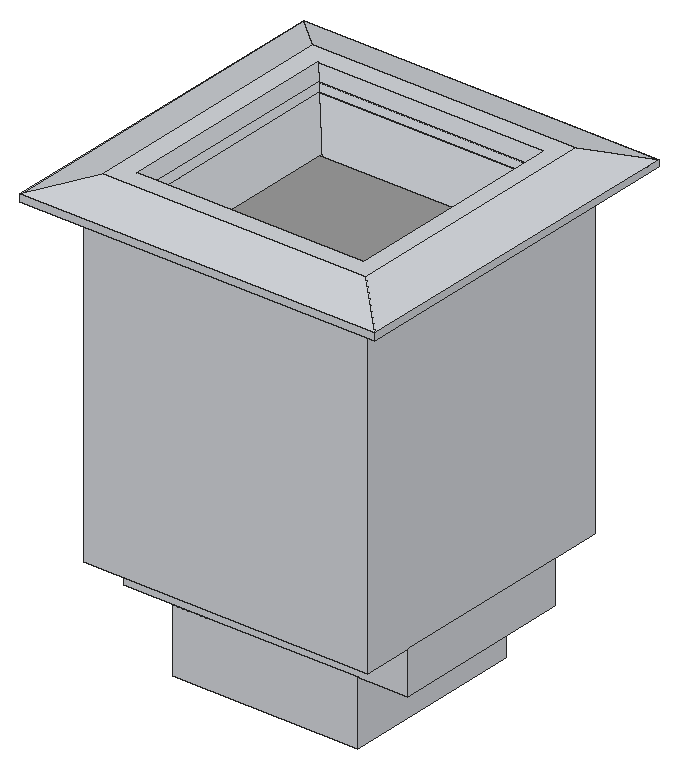
Revit family "2061327 Sylvania Lighting Fixture DOMINO 1xLED 930 BLACK MB TRIM BLACK DALI", category Lighting Fixtures, host Face, Revit 2018
Family settings
  Host = Face
  Round Connector Dimension = Use Diameter
  Part Type = Normal
  OmniClass Number = 23.80.70.00
  OmniClass Title = Lighting
  Cut with Voids When Loaded = No
  Light Source = Yes
  Shared = No
  Room Calculation Point = No
Parameters (values of type "2061327 DOMINO 1XLED 930 BLACK MB TR BLK DALI")
  top top width = 15.812 mm
  top top length = 26 mm
  Width = 50 mm
  Weight = "n/a"
  Wattage Comments = ""
  Wattage = 9.2903 W
  WarrantyStartDate [instance] = "n/a"
  WarrantyGuarantorParts = "n/a"
  WarrantyDurationUnit = "n/a"
  WarrantyDurationParts = ""
  WarrantyDescription = "http://www.sylvania-lighting.com"
  built-in parameter 1150110 = 1 (stored number, unit not read)
  Voltage = 0 V
  URL = "0.96"
  TypeName = "DOMINO 1xLED 930 BLACK MB TRIM BLACK DALI"
  Type Image = <None>
  Type Comments = "n/a"
  built-in parameter 1114217 = 1 (stored number, unit not read)
  Top Width = 26 mm
  Tilt Angle = 90.00°
  built-in parameter 1150109 = 1 (stored number, unit not read)
  built-in parameter 1150134 = 3
  built-in parameter 1150113 = 1 (stored number, unit not read)
  SerialNumber [instance] = "n/a"
  Recessed Width = 43 mm
  Recessed Length = 43 mm
  Photometric Web File = "2061327.ies"
  Material_3_FEILO = none
  PowerFactor = 0
  PowerConsumption = "Lighting"
  NominalLength = 50 mm
  NominalHeight = 0 mm
  NominalDepth = 0 mm
  Name = "DOMINO 1xLED 930 BLACK MB TRIM BLACK DALI"
  ModelReference = Name  # "DOMINO 1xLED 930 BLACK MB TRIM BLACK DALI"
  ModelNumber = "2061327"
  Model = Name  # "DOMINO 1xLED 930 BLACK MB TRIM BLACK DALI"
  Material = "Feilo Sylvania"
  ManufacturerName = "44 lm/W"
  Manufacturer = ""
  LuminousEfficacy = ""
  built-in parameter 1150105 = 109.82 (stored number, unit not read)
  Lumens = 1380 lm
  LuminaireType = "0"
  built-in parameter 1150115 = 1 (stored number, unit not read)
  LightOutputRatio = "LED"
  built-in parameter 1150137 = (empty or 0)
  built-in parameter 1150139 = (empty or 0)
  Lens inside recess = 25 mm
  Lens Width = 32 mm
  Lens Outside recess = 31.978 mm
  Lens = Glass, White, High Luminance
  Length = 50 mm
  LampsType = Lamp  # "n/a"
  LampNominalLuminous = "3000 K"
  LampMacAdamStep = "90"
  LampColourTemperature = "LED"
  LampColourRenderingIndex = "16500"
  built-in parameter 1150112 = 1 (stored number, unit not read)
  built-in parameter 1150114 = 1 (stored number, unit not read)
  Lamp = "n/a"
  Keynote = "n/a"
  InstallationDate [instance] = "n/a"
  InputVoltage = "0"
  InputNominalFrequency = "3000"
  built-in parameter 1150132 = (empty or 0)
  built-in parameter 1150102 = (empty or 0)
  built-in parameter 1150107 = 3200 (stored number, unit not read)
  built-in parameter 1150138 = (empty or 0)
  IngressProtection = "IfcLightFixtureType"
  ImpactProtectionIndex = "IfcLightFixtureType"
  built-in parameter 1150106 = 1.0982 (stored number, unit not read)
  IfcExportType = "IfcLightFixtureType"
  IfcExportAs = "Class II"
  Facia internal width = 37 mm
  Facia internal length = 37 mm
  Facia Height = 2 mm
  ExpectedLife = 50000
  Emit from Circle Diameter = 609.6 mm
  Emit Shape Visible in Rendering = no
  ElectricShockClassification = "44"
  built-in parameter 1150104 = 13.8 (stored number, unit not read)
  DurationUnit = "hours"
  DocumentationLiterature = "http://www.sylvania-lighting.com/product/en-int/products/2061327"
  DimmingControlOptions = "n/a"
  Material_2_FEILO = none
  Dimming Lamp Color Temperature Shift = <None>
  Description = "Modular LED recessed linear spotlight, ideal for retail and hospitality applications. Die-cast aluminium body, passive cooling. Two levels of reflector installation, low glaring UGR<16. 1x LED source, 30° beam angle , optics: PMMA lens and polycarbonate reflector combination, Black matt reflector finish. Light color temperature: 3000K warm white, total system power: 4W , total fixture lumen output: 175lm, efficacy: 44 lm/W, Ra90 typical, LED chromacity: 3 step MacAdam ellipse (SDCM3), lifespan: 96,000 hours at 90% of the original output (L90B10), IR/UV free light source without heat radiation, operating voltage: 220-240V / 50-60Hz, electronic driver, ultra low flicker, DALI , electrical protection: Class II. Degree of Protection: IP40/IP20, suitable for indoor environment only. Ceiling cut-out: 43x43mm, outer dimensions:  50x50mm trim frame RAL 9005 - Jet black color.5 years Warranty."
  Default Elevation = 1219.2 mm
  CreatedOn = "09/02/2021"
  CreatedBy = "@sylvania-lighting.com"
  Cost = 0
  Color Filter = 16777215
  built-in parameter 1114216 [instance] = (empty or 0)
  ClassificationValue = "EF_70_80"
  ClassificationName = "Uniclass2015"
  Material_1_FEILO = none
  Body Width = 40 mm
  Body Length = 40 mm
  BarCode [instance] = "n/a"
  built-in parameter 1114218 = 1 (stored number, unit not read)
  built-in parameter 1150133 = 10 (stored number, unit not read)
  AssetType = "Fixed"
  AssetIdentifier [instance] = "n/a"
  Assembly Code = "D5020200"
  Apparent Load = 4 VA
  Material_4_FEILO = none
Reference planes
  plane 1 "Center (Front/Back)": y = 0
  plane 2: z = 0
  plane 3 "Center (Left/Right)": x = 0
  plane 4: z = 0
  plane 5: z = -7
  plane 6: z = -45.895
  plane 7: z = -51.895
  plane 8: z = -60.895
  plane 9: x = -21.5
  plane 10: x = 21.5
  plane 11: y = 21.5
  plane 12: y = -21.5
  plane 13: x = -25
  plane 14: x = 25
  plane 15: y = 25
  plane 16: y = -25
  plane 17: x = 18.5
  plane 18: x = -18.5
  plane 19: y = 18.5
  plane 20: y = -18.5
  plane 21: z = 2
  plane 22: x = -20
  plane 23: x = 20
  plane 24: y = 20
  plane 25: y = -20
  plane 26: y = 13
  plane 27: y = -13
  plane 28: y = 16
  plane 29: y = -16
  plane 30: x = 13
  plane 31: x = -13
  plane 32: x = -15.772
  plane 33: x = 16.206
  plane 34: y = 12.5
  plane 35: y = -12.5
  plane 36: x = -12.5
  plane 37: x = 12.5
Forms (mm)
  Extrusion 1, solid, not visible, detail levels medium+fine
    sketch origin (4.2, 0, 0) x (1, 0, 0) y (0, 1, 0)
      loop
        line (-29.2, 34.5) -> (-29.2, -34.5) -> (20.8, -34.5) -> (20.8, 34.5) -> (-29.2, 34.5)
    from 0 to 1
  Extrusion 2, solid, not visible, detail levels medium+fine
    sketch origin (4.044, 0, 0) x (1, 0, 0) y (0, 1, 0)
      loop
        line (-29.2, 34.5) -> (-29.2, -34.5) -> (20.8, -34.5) -> (20.8, 34.5) -> (-29.2, 34.5)
    from 0 to 1
  Blend 3, solid, not visible, detail levels medium+fine
    base sketch origin (4.2, 0, 0) x (1, 0, 0) y (0, 1, 0)
      loop
        line (-29.2, 34.5) -> (-29.2, -34.5) -> (20.8, -34.5) -> (20.8, 34.5) -> (-29.2, 34.5)
    top sketch origin (4.2, 0, 0) x (1, 0, 0) y (0, 1, 0)
      loop
        line (-21.7, 28) -> (-21.7, -28) -> (13.3, -28) -> (13.3, 28) -> (-21.7, 28)
    from 1 to 3
  Extrusion 4, solid, not visible, detail levels medium+fine
    sketch origin (3.419, 0, 0) x (1, 0, 0) y (0, 1, 0)
      loop
        line (-29.2, 34.5) -> (-29.2, -34.5) -> (20.8, -34.5) -> (20.8, 34.5) -> (-29.2, 34.5)
    from 0 to 1
  Blend 5, solid, not visible, detail levels medium+fine
    base sketch origin (3.575, 0, 0) x (1, 0, 0) y (0, 1, 0)
      loop
        line (-29.2, 34.5) -> (-29.2, -34.5) -> (20.8, -34.5) -> (20.8, 34.5) -> (-29.2, 34.5)
    top sketch origin (3.575, 0, 0) x (1, 0, 0) y (0, 1, 0)
      loop
        line (-21.7, 28) -> (-21.7, -28) -> (13.3, -28) -> (13.3, 28) -> (-21.7, 28)
    from 1 to 3
  Extrusion 6, solid, not visible, detail levels medium+fine
    sketch origin (4.247, 0, 0) x (1, 0, 0) y (0, 1, 0)
      loop
        line (-29.2, 34.5) -> (-29.2, -34.5) -> (20.8, -34.5) -> (20.8, 34.5) -> (-29.2, 34.5)
    from 0 to 1
  Blend 7, solid, not visible, detail levels medium+fine
    base sketch origin (4.403, 0, 0) x (1, 0, 0) y (0, 1, 0)
      loop
        line (-29.2, 34.5) -> (-29.2, -34.5) -> (20.8, -34.5) -> (20.8, 34.5) -> (-29.2, 34.5)
    top sketch origin (4.403, 0, 0) x (1, 0, 0) y (0, 1, 0)
      loop
        line (-21.7, 28) -> (-21.7, -28) -> (13.3, -28) -> (13.3, 28) -> (-21.7, 28)
    from 1 to 3
  Extrusion 8, void, detail levels medium+fine
    sketch origin (4.2, 0, 0) x (0, 1, 0) y (1, 0, 0)
      loop
        line (21.5, -25.7) -> (21.5, 17.3) -> (-21.5, 17.3) -> (-21.5, -25.7) -> (21.5, -25.7)
    from -9.934 to 83.097
  Extrusion 9, solid, detail levels medium+fine
    sketch origin (4.2, 0, 0) x (1, 0, 0) y (0, 1, 0)
      loop
        line (-29.2, 25) -> (-29.2, -25) -> (20.8, -25) -> (20.8, 25) -> (-29.2, 25)
    from 0 to 1
  Extrusion 10, solid, detail levels medium+fine
    sketch origin (4.2, 0, 0) x (1, 0, 0) y (0, 1, 0)
      loop
        line (-24.2, 20) -> (-24.2, -20) -> (15.8, -20) -> (15.8, 20) -> (-24.2, 20)
    from 0 to -45.895
  Extrusion 11, solid, detail levels medium+fine
    sketch origin (4.2, 0, 0) x (1, 0, 0) y (0, 1, 0)
      loop
        line (-24.2, 13) -> (-24.2, -13) -> (15.8, -13) -> (15.8, 13) -> (-24.2, 13)
    from -51.895 to -45.895
  Extrusion 12, solid, material "Glass, White, High Luminance" <- "Lens", detail levels fine
    sketch origin (13.547, 1218.849, 36.156) x (1, 0, 0) y (0, 1, 0)
      loop
        line (-26.047, -1206.7) -> (-26.047, -1231.7) -> (-1.047, -1231.7) -> (-1.047, -1206.7) -> (-26.047, -1206.7)
    from -43.156 to -42.182
  Blend 13, solid, detail levels medium+fine
    base sketch origin (4.2, 0, 0) x (1, 0, 0) y (0, 1, 0)
      loop
        line (-29.2, 25) -> (-29.2, -25) -> (20.8, -25) -> (20.8, 25) -> (-29.2, 25)
    top sketch origin (4.2, 0, 0) x (1, 0, 0) y (0, 1, 0)
      loop
        line (-22.7, 18.5) -> (-22.7, -18.5) -> (14.3, -18.5) -> (14.3, 18.5) -> (-22.7, 18.5)
    from 1 to 3
  Extrusion 14, solid, detail levels fine
    sketch origin (0, 0, 0) x (1, 0, 0) y (0, 0, 1)
      loop
        line (-13, -51.895) -> (-13, -60.895) -> (13, -60.895) -> (13, -51.895) -> (-13, -51.895)
    from -13 to 13
  Blend 15, void, detail levels medium+fine
    base sketch origin (4.2, 0, 0) x (0, 1, 0) y (-1, 0, 0)
      loop
        line (16, 19.972) -> (-16, 19.972) -> (-16, -12.006) -> (16, -12.006) -> (16, 19.972)
    top sketch origin (4.2, 0, 0) x (0, 1, 0) y (-1, 0, 0)
      loop
        line (12.5, 16.7) -> (-12.5, 16.7) -> (-12.5, -8.3) -> (12.5, -8.3) -> (12.5, 16.7)
    from 3 to -7
  Extrusion 16, solid, detail levels coarse
    sketch origin (4.2, 0, 0) x (1, 0, 0) y (0, 1, 0)
      loop
        line (-29.2, 25) -> (-29.2, -25) -> (20.8, -25) -> (20.8, 25) -> (-29.2, 25)
    from 3 to -60.895
Cuts and joins
  Blend 15 cuts Extrusion 9
  Blend 15 cuts Extrusion 10
  Blend 15 cuts Blend 13
Dimensions and locks
  "Recessed Length": plane 9 to plane 10
  equal spacing: plane 9, plane 3 "Center (Left/Right)", plane 10
  "Length": plane 13 to plane 14
  equal spacing: plane 13, plane 3 "Center (Left/Right)", plane 14
  "Recessed Width": plane 11 to plane 12
  equal spacing: plane 11, plane 1 "Center (Front/Back)", plane 12
  "Width": plane 15 to plane 16
  equal spacing: plane 15, plane 1 "Center (Front/Back)", plane 16
  "Facia internal length": plane 18 to plane 17
  equal spacing: plane 18, plane 3 "Center (Left/Right)", plane 17
  "Facia internal width": plane 19 to plane 20
  equal spacing: plane 19, plane 1 "Center (Front/Back)", plane 20
  "Facia Height": plane 21 to host face
  "Body Length": plane 22 to plane 23
  equal spacing: plane 22, plane 3 "Center (Left/Right)", plane 23
  "Body Width": plane 24 to plane 25
  equal spacing: plane 24, plane 1 "Center (Front/Back)", plane 25
  "Top Width": plane 26 to plane 27
  equal spacing: plane 26, plane 1 "Center (Front/Back)", plane 27
  "Lens Width": plane 28 to plane 29
  equal spacing: plane 28, plane 1 "Center (Front/Back)", plane 29
  "top top length": plane 31 to plane 30
  equal spacing: plane 31, plane 3 "Center (Left/Right)", plane 30  (x2)
  plane 30 to plane 31 = 26 mm
  equal spacing: plane 30, plane 3 "Center (Left/Right)", plane 31
  "Lens Outside recess": plane 32 to plane 33
  "Lens inside recess": plane 34 to plane 35
  equal spacing: plane 34, plane 1 "Center (Front/Back)", plane 35
  aligned and locked: plane 2 to host face
  aligned and locked: level to host face
  aligned and locked: Extrusion 11 to plane 7
  aligned and locked: Extrusion 10 to plane 6
  aligned and locked: cut or joined group of Blend 13, Blend 15 to Blend 15
Automatic sketch dimensions
  host sketch curve to host sketch curve = 2438.4 mm  (x2)
  Extrusion 1 sketch curve to Extrusion 1 sketch curve = 50 mm
  Extrusion 1 sketch curve to Extrusion 1 sketch curve = 69 mm
  Extrusion 2 sketch curve to Extrusion 2 sketch curve = 50 mm
  Extrusion 2 sketch curve to Extrusion 2 sketch curve = 69 mm
  Blend 3 sketch curve to Blend 3 sketch curve = 50 mm
  Blend 3 sketch curve to Blend 3 sketch curve = 69 mm
  Blend 3 sketch curve to Blend 3 sketch curve = 35 mm
  Blend 3 sketch curve to Blend 3 sketch curve = 56 mm
  Extrusion 4 sketch curve to Extrusion 4 sketch curve = 50 mm
  Extrusion 4 sketch curve to Extrusion 4 sketch curve = 69 mm
  Blend 5 sketch curve to Blend 5 sketch curve = 50 mm
  Blend 5 sketch curve to Blend 5 sketch curve = 69 mm
  Blend 5 sketch curve to Blend 5 sketch curve = 35 mm
  Blend 5 sketch curve to Blend 5 sketch curve = 56 mm
  Extrusion 6 sketch curve to Extrusion 6 sketch curve = 50 mm
  Extrusion 6 sketch curve to Extrusion 6 sketch curve = 69 mm
  Blend 7 sketch curve to Blend 7 sketch curve = 50 mm
  Blend 7 sketch curve to Blend 7 sketch curve = 69 mm
  Blend 7 sketch curve to Blend 7 sketch curve = 35 mm
  Blend 7 sketch curve to Blend 7 sketch curve = 56 mm
  plane 9 to Extrusion 8 sketch curve = 0 mm
  Extrusion 8 sketch curve to plane 12 = 0 mm
  Extrusion 8 sketch curve to plane 11 = 0 mm
  Extrusion 8 sketch curve to plane 10 = 0 mm
  plane 13 to Extrusion 9 sketch curve = 0 mm
  plane 14 to Extrusion 9 sketch curve = 0 mm
  Extrusion 9 sketch curve to plane 16 = 0 mm
  Extrusion 9 sketch curve to plane 15 = 0 mm
  Extrusion 10 sketch curve to plane 22 = 0 mm
  Extrusion 10 sketch curve to plane 23 = 0 mm
  Extrusion 10 sketch curve to plane 25 = 0 mm
  Extrusion 10 sketch curve to plane 24 = 0 mm
  Extrusion 11 sketch curve to plane 22 = 0 mm
  Extrusion 11 sketch curve to plane 23 = 0 mm
  Extrusion 11 sketch curve to plane 27 = 0 mm
  Extrusion 11 sketch curve to plane 26 = 0 mm
  Extrusion 12 sketch curve to plane 11 = 9.351 mm
  plane 1 "Center (Front/Back)" to Extrusion 12 sketch curve = 12.851 mm
  plane 18 to Extrusion 12 sketch curve = 6 mm
  Blend 13 sketch curve to plane 13 = 0 mm
  Blend 13 sketch curve to plane 14 = 0 mm
  Blend 13 sketch curve to plane 16 = 0 mm
  Blend 13 sketch curve to plane 15 = 0 mm
  Blend 13 sketch curve to plane 18 = 0 mm
  Blend 13 sketch curve to plane 17 = 0 mm
  Blend 13 sketch curve to plane 20 = 0 mm
  Blend 13 sketch curve to plane 19 = 0 mm
  Extrusion 12 sketch curve to Extrusion 12 sketch curve = 25 mm
  Extrusion 14 sketch curve to plane 8 = 0 mm
  Extrusion 14 sketch curve to plane 31 = 0 mm
  Extrusion 14 sketch curve to plane 30 = 0 mm
  Extrusion 14 sketch curve to plane 7 = 0 mm
  Blend 15 sketch curve to plane 29 = 0 mm
  Blend 15 sketch curve to plane 28 = 0 mm
  Blend 15 sketch curve to plane 33 = 0 mm
  Blend 15 sketch curve to plane 32 = 0 mm
  Blend 15 sketch curve to plane 35 = 0 mm
  Blend 15 sketch curve to plane 34 = 0 mm
  Blend 15 sketch curve to plane 37 = 0 mm
  Blend 15 sketch curve to plane 36 = 0 mm
  Extrusion 16 sketch curve to plane 13 = 0 mm
  Extrusion 16 sketch curve to plane 14 = 0 mm
  Extrusion 16 sketch curve to plane 16 = 0 mm
  Extrusion 16 sketch curve to plane 15 = 0 mm
Connectors
  electrical at (0, 0, -60.895)
    settings: on Extrusion 14, index 1, voltage 0 V, apparent load 0 VA, apparent load phase1 0 VA, apparent load phase2 0 VA, apparent load phase3 0 VA, power factor 1, load classification "Other", number of poles 1, system type 31, power factor state 1, is connector primary yes, connector utility no, sub classification motor no, connector description ""
